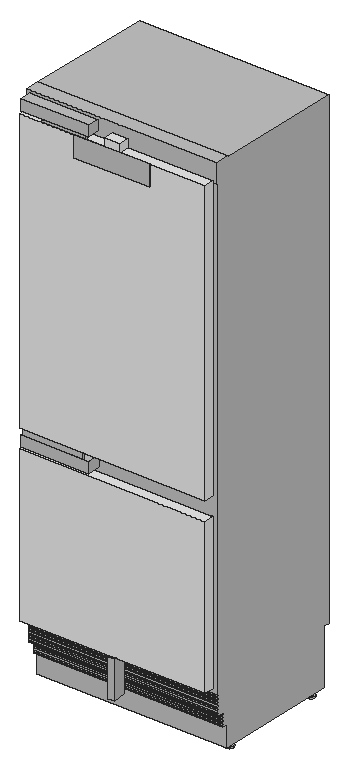
Revit family "FP_Revit_18_RS3084WLUK1_Fridge_90001082A", category Specialty Equipment, Revit 2018 (continued)
Definition of nested family "Handle Professional Square - Horizontal"
  Dimensions and locks
    plane 7 "RHS Standoff" to plane 5 "Product RHS" = 50 mm
    aligned and locked: level to plane 2
    aligned and locked: plane 5 "Product RHS" to Extrusion 1 sketch curve
    aligned and locked: Extrusion 1 sketch curve to plane 1 "Center (Front/Back)"
    aligned and locked: plane 1 "Center (Front/Back)" to Extrusion 1 sketch curve
    aligned and locked: Extrusion 1 sketch curve to plane 6 "LHS Standoff"
    aligned and locked: Extrusion 1 sketch curve to plane 7 "RHS Standoff"
    aligned and locked: plane 7 "RHS Standoff" to Extrusion 2
    aligned and locked: Extrusion 2 to plane 6 "LHS Standoff"
    aligned and locked: plane 5 "Product RHS" to Extrusion 7 sketch curve
    aligned and locked: Extrusion 7 sketch curve to plane 7 "RHS Standoff"
    aligned and locked: plane 6 "LHS Standoff" to Extrusion 7 sketch curve
    aligned and locked: plane 4 "Product LHS" to Extrusion 7 sketch curve
    aligned and locked: Extrusion 7 sketch curve to plane 1 "Center (Front/Back)"
    aligned and locked: plane 1 "Center (Front/Back)" to Extrusion 7 sketch curve
  Automatic sketch dimensions
    Extrusion 1 sketch curve to plane 4 "Product LHS" = 0 mm
    Extrusion 1 sketch curve to plane 4 "Product LHS" = 10 mm
    plane 5 "Product RHS" to Extrusion 1 sketch curve = 10 mm
    Extrusion 1 sketch curve to Extrusion 1 sketch curve = 40 mm  (x2)
    level to Extrusion 2 sketch curve = 0 mm
    plane 1 "Center (Front/Back)" to Extrusion 2 sketch curve = 61.313 mm
    Extrusion 2 sketch curve to Extrusion 2 sketch curve = 13.513 mm
    Extrusion 2 sketch curve to Extrusion 2 sketch curve = 1.328 mm  (x4)
    Extrusion 2 sketch curve to Extrusion 2 sketch curve = 9.684 mm  (x2)
    Extrusion 2 sketch curve to Extrusion 2 sketch curve = 14.172 mm
    Sweep 3 sketch curve to profile plane = 0 mm  (x2)
    Sweep 3 sketch curve to profile plane = 2.5 mm  (x2)
    Sweep 4 sketch curve to profile plane = 0 mm  (x2)
    Sweep 4 sketch curve to profile plane = 2.5 mm  (x2)
    profile plane to Sweep 5 sketch curve = 0 mm
    Sweep 5 sketch curve to profile plane = 0 mm
    Sweep 5 sketch curve to profile plane = 2.5 mm  (x2)
    profile plane to Sweep 6 sketch curve = 0 mm
    Sweep 6 sketch curve to profile plane = 0 mm
    Sweep 6 sketch curve to profile plane = 2.5 mm  (x2)
    Extrusion 7 sketch curve to plane 4 "Product LHS" = 10 mm
    plane 5 "Product RHS" to Extrusion 7 sketch curve = 10 mm
    plane 1 "Center (Front/Back)" to Extrusion 7 sketch curve = 32 mm
    plane 1 "Center (Front/Back)" to Extrusion 7 sketch curve = 40 mm
Definition of nested family "Visibility Control Note 18"
  Types (3): name
    New
    Resolved
    Active
  Reference planes
    plane 1: y = 0
    plane 2: x = 0
  Text (mm)
    text "Edit Type: \nTo control handle kit \nand door panel visibility\n options\n\nDelete unwanted kits \nto reduce file size" at (-0.165, 35.556, 0)
Types (3, lengths in mm): name | Model | Description
  (no name) | "RS3084WLU1" | "30\" Integrated Column Freezer with internal Ice & Water, White Interior"
  RS3084WLU1 | "RS3084WLU1" | "30\" Integrated Column Freezer with internal Ice & Water, White Interior"
  RS3084WLUK1 | "RS3084WLUK1" | "30\" Integrated Column Freezer with internal Ice & Water, SS Interior"
